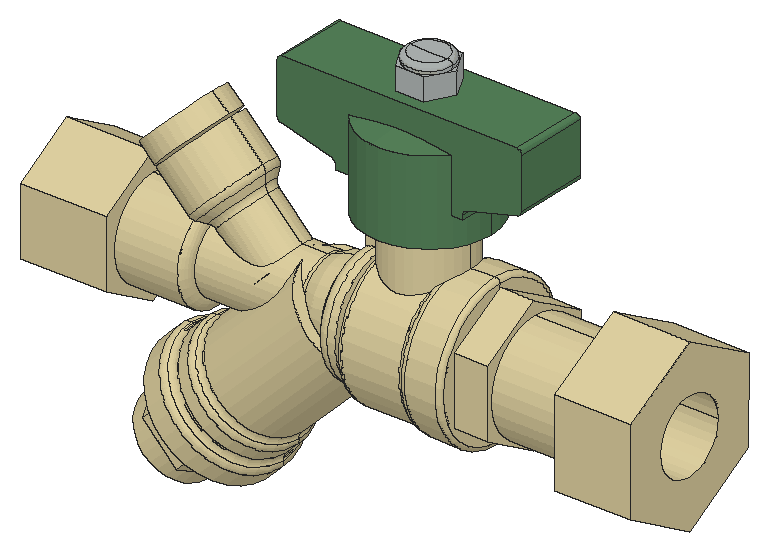
Revit family "QD36280000", category Apparecchi idraulici, Revit 2020
Family settings
  Quota connettore circolare = Usa diametro
  Tipo di parte = Normale
  Numero OmniClass = 23.45.00.00
  Titolo OmniClass = Sanitary, Laundry, and Cleaning Equipment
  Basato su piano di lavoro = No
  Sempre verticale = Sì
  Taglio con vuoti quando caricato = No
  Condiviso = No
  Punto di calcolo locali = No
Parameters
  URL = "https://web.cimberio.it/index.php/figura/1695?subcategoria_id=89"
  Temperatura di esercizio = "-20 ÷ 90°C"
  Prospetto di default = 0 mm
  Produttore = "CIMBERIO SPA"
  Pressione nominale = "PN 16"
  Modello = "Cim 624CRNL/1"
  Materiale = "Prodotto in lega di ottone conforme alla norma EN 12165-CW511L-DW nelle misure fino a 1\"1/4 e in lega di ottone conforme alla norma EN 1982-CC752S low lead nelle misure da 1\"1/2 a 2\""
  Description = ""
  DN Model [instance] = QD36282099 : QD36282099
  DN [instance] = 15 mm
  Commenti sul tipo = "Realizzato in ottemperanza ai requisiti gestionali della norma EN ISO 9001.\r\nCollaudato al 100% secondo la normativa EN 12266-1"
Reference planes
  plane 1 "Centro (Fronte/Retro)": y = 0
  plane 2: z = 0
  plane 3 "Centro (Sinistra/Destra)": x = 0
Dimensions and locks
  aligned and locked: level to plane 2
Nested families
  nested 1: "QD36282099" at (0, 0, 0), type <- "DN Model", type "QD36282099"
    with Diametro DN singolo 15 mm, DN 10 mm
  nested 2: "QD36282099" at (0, 0, 0), type <- "DN Model", type "QD36282099"
    with Diametro DN singolo 20 mm, DN 10 mm
  nested 3: "QD36282099" at (0, 0, 0), type <- "DN Model", type "QD36282099"
    with Diametro DN singolo 20 mm, DN 10 mm
  nested 4: "QD36282099" at (0, 0, 0), type <- "DN Model", type "QD36282099"
    with Diametro DN singolo 25 mm, DN 10 mm
  nested 5: "QD36282099" at (0, 0, 0), type <- "DN Model", type "QD36282099"
    with Diametro DN singolo 25 mm, DN 10 mm
  nested 6: "QD36282099" at (0, 0, 0), type <- "DN Model", type "QD36282099"
    with Diametro DN singolo 32 mm, DN 10 mm
  nested 7: "QD36282099" at (0, 0, 0), type <- "DN Model", type "QD36282099"
    with Diametro DN singolo 32 mm, DN 10 mm
  nested 8: "QD36282099" at (0, 0, 0), type <- "DN Model", type "QD36282099"
    with Diametro DN singolo 32 mm, DN 10 mm
  nested 9: "QD36282099" at (0, 0, 0), type <- "DN Model", type "QD36282099"
    with Diametro DN singolo 40 mm, DN 10 mm
  nested 10: "QD36282099" at (0, 0, 0), type <- "DN Model", type "QD36282099"
    with Diametro DN singolo 40 mm, DN 10 mm
  nested 11: "QD36282099" at (0, 0, 0), type <- "DN Model", type "QD36282099"
    with Diametro DN singolo 50 mm, DN 10 mm
Connectors
  piping at (53.2, 0, 0), diameter 15, driven by "DN"
    settings: on nested 1, index 1, connector inside diameter 609.6 mm, connector length 0 mm, flow factor 0, pipe flow 0.0 L/s, pressure drop 0.0 Pa, fitting loss kfactor 0, connector angle 0.00°, fixture units 0, engagement length 0 mm, angle of deflection 0.00°, flow configuration 0, flow direction 0, fitting loss method 0, system type 7, joint type 0, gender type 0, connector reference index -1, connector utility 0, adjustable connector no, is connector primary yes, connector description ""
  piping at (-74, 0, 0), diameter 15, driven by "DN"
    settings: on nested 1, index 2, connector inside diameter 609.6 mm, connector length 0 mm, flow factor 0, pipe flow 0.0 L/s, pressure drop 0.0 Pa, fitting loss kfactor 0, connector angle 0.00°, fixture units 0, engagement length 0 mm, angle of deflection 0.00°, flow configuration 0, flow direction 0, fitting loss method 0, system type 7, joint type 0, gender type 0, connector reference index -1, connector utility 0, adjustable connector no, is connector primary no, connector description ""
Definition of nested family "QD36282099"
  Parameters (values of type "QD36282099")
    Default Elevation = 0 mm
    Diametro DN singolo [instance] = 15 mm
    DN [instance] = 10 mm  # constant formula
  Reference planes
    plane 1 "Centro (Fronte/Retro)": y = 0
    plane 2: z = 0
    plane 3 "Centro (Sinistra/Destra)": x = 0
  Forms (mm)
    Revolve 1, solid
      sketch origin (0, 0, 0.284) x (1, 0, 0) y (0, 0, 1)
        loop
          line (0, 51.516) -> (0, 49.733) -> (4.75, 49.733) -> (4.75, 50.516)
          arc (4.75, 50.516) -> (4.457, 51.223) -> (3.75, 51.516) r 1
          line (3.75, 51.516) -> (0, 51.516)
        axis (0, 51.516) -> (0, 49.733)
      angle from 0 to 360
    Revolve 2, solid
      sketch origin (0, 0, 0) x (1, 0, 0) y (0, 0, 1)
        loop
          line (14.5, -7.5) -> (-14.515, -7.5) -> (-14.515, -9.418)
          arc (-14.515, -9.418) -> (-13.96, -9.682) -> (-13.664, -10.221) r 1
          arc (-13.664, -10.221) -> (-13.426, -10.906) -> (-13, -11.494) r 2.5
          arc (-13, -11.494) -> (-12.177, -12.012) -> (-11.209, -12.098) r 2.073
          line (-11.209, -12.098) -> (-9.621, -12.098) -> (-7.332, -13.918)
          arc (-7.332, -13.918) -> (-6.994, -14.163) -> (-6.586, -14.25) r 1.005
          line (-6.586, -14.25) -> (5.249, -14.25)
          arc (5.249, -14.25) -> (5.659, -14.344) -> (6, -14.59) r 1.055
          arc (6, -14.59) -> (6.512, -14.96) -> (7.127, -15.1) r 1.583
          line (7.127, -15.1) -> (13.5, -15.25)
          arc (13.5, -15.25) -> (14.161, -15.002) -> (14.5, -14.383) r 1.015
          line (14.5, -14.383) -> (14.5, -7.5)
        axis (14.5, 0) -> (-14.515, 0)
      angle from 0 to 360
    Revolve 3, solid
      sketch origin (0, 0, 0) x (1, 0, 0) y (0, 0, 1)
        loop
          arc (-14.515, 9.418) -> (-17.326, 8.815) -> (-19.954, 7.651) r 14.005
          arc (-19.954, 7.651) -> (-20.338, 7.509) -> (-20.746, 7.5) r 1.237
          line (-20.746, 7.5) -> (-42.045, 7.5)
          arc (-42.045, 7.5) -> (-42.394, 8.941) -> (-43.413, 10.017) r 2.881
          line (-43.413, 10.017) -> (-56.412, 10.017) -> (-56.412, 6.5) -> (-14.515, 6.5) -> (-14.515, 9.418)
        axis (-56.412, 0) -> (-14.515, 0)
      angle from 0 to 360
    Extrusion 4, solid
      sketch origin (-11, 0, 0) x (0, 0, 1) y (0, 1, 0)
        loop
          circle (0, 0) r 7.5
        loop
          line (13.75, 0) -> (6.875, 11.908) -> (-6.875, 11.908) -> (-13.75, 0) -> (-6.875, -11.908) -> (6.875, -11.908) -> (13.75, 0)
      from 45.412 to 63
    Extrusion 5, solid
      sketch origin (66.912, 0, 0) x (0, 0, 1) y (0, 1, 0)
        loop
          circle (0, 0) r 7.5
        loop
          line (13.75, 0) -> (6.875, 11.908) -> (-6.875, 11.908) -> (-13.75, 0) -> (-6.875, -11.908) -> (6.875, -11.908) -> (13.75, 0)
      from 45.412 to 52.412
    Revolve 6, solid
      sketch origin (0, 0, 0) x (1, 0, 0) y (0, 0, 1)
        loop
          line (21.5, 11.1) -> (21.5, 7.5) -> (37.7, 7.5) -> (37.7, 11.1) -> (21.5, 11.1)
        axis (21.5, 0) -> (37.7, 0)
      angle from 0 to 360
    Extrusion 7, solid
      sketch origin (0, 0, 0) x (0, 1, 0) y (0, 0, 1)
        loop
          circle (0, 0) r 7.5
        loop
          line (0, 17.4) -> (-15.069, 8.7) -> (-15.069, -8.7) -> (0, -17.4) -> (15.069, -8.7) -> (15.069, 8.7) -> (0, 17.4)
      from 37.7 to 53.2
    Revolve 8, solid
      sketch origin (0, 0, 0) x (1, 0, 0) y (0, 0, 1)
        loop
          line (0, 27.296) -> (0, 10.626) -> (8.486, 10.626) -> (8.486, 27.296) -> (0, 27.296)
        axis (0, 27.296) -> (0, 10.626)
      angle from 0 to 360
    Extrusion 9, solid
      sketch origin (0, 0, 0) x (1, 0, 0) y (0, 0, 1)
        loop
          line (-8.5, 27.296) -> (-13, 27.296) -> (-13, 10.666) -> (-8.5, 10.666) -> (-8.5, 27.296)
      from -1.851 to 0
    Revolve 10, solid
      sketch origin (0, 0, 0) x (1, 0, 0) y (0, 0, 1)
        loop
          line (-40.565, 25.586) -> (-46.575, 19.575) -> (-29.447, 2.447) -> (-25.204, 6.69) -> (-32.849, 14.334)
          arc (-32.849, 14.334) -> (-33.282, 14.983) -> (-33.435, 15.748) r 2
          line (-33.435, 15.748) -> (-33.435, 17.627)
          arc (-33.435, 17.627) -> (-33.587, 18.392) -> (-34.02, 19.041) r 2
          line (-34.02, 19.041) -> (-40.565, 25.586)
        axis (-46.575, 19.575) -> (-29.447, 2.447)
      angle from 0 to 360
    Revolve 11, solid
      sketch origin (0, 0, 0) x (1, 0, 0) y (0, 0, 1)
        loop
          line (-43.27, -28.27) -> (-33.371, -38.17) -> (-30.337, -35.136)
          arc (-30.337, -35.136) -> (-29.888, -34.401) -> (-29.824, -33.542) r 1.833
          arc (-29.824, -33.542) -> (-29.712, -32.675) -> (-29.263, -31.941) r 1.833
          line (-29.263, -31.941) -> (-27.155, -29.832)
          arc (-27.155, -29.832) -> (-26.741, -29.196) -> (-26.62, -28.447) r 1.833
          arc (-26.62, -28.447) -> (-26.495, -27.698) -> (-26.081, -27.061) r 1.833
          line (-26.081, -27.061) -> (-7.868, -8.849) -> (-15.858, -0.858) -> (-43.27, -28.27)
        axis (-43.27, -28.27) -> (-15.858, -0.858)
      angle from 0 to 360
    Extrusion 12, solid
      sketch origin (-46.575, 0, 19.575) x (0.707107, 0, 0.707107) y (0, 1, 0)
        loop
          circle (0, 0) r 8.5
      from 0.5 to 5
    Extrusion 13, solid
      sketch origin (-43.27, 0, -28.27) x (0, 1, 0) y (0.707107, 0, -0.707107)
        loop
          line (0, -9.85) -> (8.53, -4.925) -> (8.53, 4.925) -> (0, 9.85) -> (-8.53, 4.925) -> (-8.53, -4.925) -> (0, -9.85)
      from 0 to 7
    Revolve 14, solid
      sketch origin (0, 0, 0) x (1, 0, 0) y (0, 0, 1)
        loop
          line (12.882, 22.799) -> (12.882, 39.858)
          arc (12.882, 39.858) -> (6.493, 41.103) -> (0, 41.57) r 53.993
          line (0, 41.57) -> (0, 28.799) -> (1.6, 28.799) -> (1.6, 22.799) -> (12.882, 22.799)
        axis (0, 41.57) -> (0, 22.799)
      angle from 0 to 360
    Extrusion 15, solid
      sketch origin (0, 0, 0) x (1, 0, 0) y (0, 0, 1)
        loop
          arc (-25, 34.567) -> (-24.793, 33.958) -> (-24.259, 33.601) r 1
          line (-24.259, 33.601) -> (-13.742, 30.783)
          arc (-13.742, 30.783) -> (-13.207, 30.426) -> (-13, 29.817) r 1
          line (-13, 29.817) -> (-13, 28.799) -> (13, 28.799) -> (13, 29.817)
          arc (13, 29.817) -> (13.206, 30.425) -> (13.74, 30.782) r 1
          line (13.74, 30.782) -> (24.259, 33.601)
          arc (24.259, 33.601) -> (24.793, 33.958) -> (25, 34.567) r 1
          line (25, 34.567) -> (25, 44.799)
          arc (25, 44.799) -> (24.707, 45.507) -> (24, 45.799) r 1
          line (24, 45.799) -> (-24, 45.799)
          arc (-24, 45.799) -> (-24.707, 45.507) -> (-25, 44.799) r 1
          line (-25, 44.799) -> (-25, 34.567)
      from -7.362 to 7.513
    Extrusion 16, solid
      sketch origin (0, 0, 28.55) x (1, 0, 0) y (0, 1, 0)
        loop
          line (5.774, 0) -> (2.887, 5) -> (-2.887, 5) -> (-5.774, 0) -> (-2.887, -5) -> (2.887, -5) -> (5.774, 0)
      from 17.249 to 21.749
    Extrusion 17, solid
      sketch origin (-47.893, 0, -32.839) x (-0.707107, 0, 0.707107) y (0, 1, 0)
        loop
          circle (0, 0) r 8.5
      from 0.5 to 5
  Dimensions and locks
    "Diametro DN singolo": diameter of Extrusion 4
    aligned and locked: level to plane 2
  Automatic sketch dimensions
    Revolve 1 sketch curve to plane 3 "Centro (Sinistra/Destra)" = 0 mm  (x2)
    plane 3 "Centro (Sinistra/Destra)" to Revolve 1 sketch curve = 3.75 mm
    Revolve 1 sketch curve to Revolve 1 sketch curve = 0 mm
    Revolve 1 sketch curve to Revolve 1 sketch curve = 1 mm
    level to Revolve 1 sketch curve = 50.016 mm
    Revolve 1 sketch curve to Revolve 1 sketch curve = 0.783 mm
    Revolve 1 sketch curve to Revolve 1 sketch curve = 1.783 mm
    Revolve 1 sketch curve to Revolve 1 sketch curve = 1.437 mm
    Revolve 1 sketch curve to Revolve 1 sketch curve = 1.354 mm
    Revolve 2 sketch curve to level = 0 mm
    Revolve 2 sketch curve to plane 3 "Centro (Sinistra/Destra)" = 14.647 mm
    Revolve 2 sketch curve to Revolve 2 sketch curve = 0.132 mm
    Revolve 2 sketch curve to Revolve 2 sketch curve = 3 mm
    Revolve 2 sketch curve to Revolve 2 sketch curve = 0.306 mm  (x2)
    Revolve 2 sketch curve to Revolve 2 sketch curve = 1.588 mm
    Revolve 2 sketch curve to Revolve 2 sketch curve = 2.289 mm
    Revolve 2 sketch curve to Revolve 2 sketch curve = 0.747 mm
    plane 3 "Centro (Sinistra/Destra)" to Revolve 2 sketch curve = 5.224 mm
    Revolve 2 sketch curve to Revolve 2 sketch curve = 0.025 mm
    Revolve 2 sketch curve to Revolve 2 sketch curve = 1.903 mm
    Revolve 2 sketch curve to Revolve 2 sketch curve = 0.037 mm
    Revolve 2 sketch curve to Revolve 2 sketch curve = 6.332 mm
    Revolve 2 sketch curve to Revolve 2 sketch curve = 0.004 mm
    Revolve 2 sketch curve to Revolve 2 sketch curve = 1.004 mm
    Revolve 2 sketch curve to level = 7.5 mm
    Revolve 2 sketch curve to Revolve 2 sketch curve = 1.918 mm
    Revolve 2 sketch curve to Revolve 2 sketch curve = 0.332 mm
    Revolve 2 sketch curve to Revolve 2 sketch curve = 0.298 mm
    Revolve 2 sketch curve to Revolve 2 sketch curve = 0.991 mm
    Revolve 2 sketch curve to Revolve 2 sketch curve = 2.051 mm
    Revolve 2 sketch curve to Revolve 2 sketch curve = 1.147 mm
    Revolve 2 sketch curve to Revolve 2 sketch curve = 6.018 mm
    Revolve 2 sketch curve to Revolve 2 sketch curve = 0.672 mm
    Revolve 2 sketch curve to Revolve 2 sketch curve = 0.718 mm
    Revolve 2 sketch curve to Revolve 2 sketch curve = 0.148 mm
    Revolve 2 sketch curve to Revolve 2 sketch curve = 1.582 mm
    Revolve 2 sketch curve to Revolve 2 sketch curve = 1.055 mm
    Revolve 2 sketch curve to Revolve 2 sketch curve = 63.049 mm
    Revolve 2 sketch curve to Revolve 2 sketch curve = 0 mm
    Revolve 2 sketch curve to Revolve 2 sketch curve = 45.5 mm
    Revolve 3 sketch curve to level = 0 mm
    level to Revolve 3 sketch curve = 10.017 mm
    Revolve 3 sketch curve to plane 3 "Centro (Sinistra/Destra)" = 56.412 mm
    Revolve 3 sketch curve to Revolve 3 sketch curve = 11.487 mm
    Revolve 3 sketch curve to Revolve 3 sketch curve = 1.512 mm
    Revolve 3 sketch curve to Revolve 3 sketch curve = 1.368 mm
    level to Revolve 3 sketch curve = 7.5 mm
    Revolve 3 sketch curve to plane 3 "Centro (Sinistra/Destra)" = 20.746 mm
    Revolve 3 sketch curve to Revolve 3 sketch curve = 0.177 mm
    Revolve 3 sketch curve to Revolve 3 sketch curve = 6.231 mm
    Revolve 3 sketch curve to level = 4.505 mm
    Revolve 3 sketch curve to Revolve 3 sketch curve = 1.517 mm
    Revolve 3 sketch curve to Revolve 3 sketch curve = 1 mm
    Revolve 3 sketch curve to Revolve 3 sketch curve = 1.224 mm
    Revolve 3 sketch curve to Revolve 3 sketch curve = 2.918 mm
    Revolve 3 sketch curve to Revolve 3 sketch curve = 19.589 mm
    Revolve 3 sketch curve to Revolve 3 sketch curve = 5.665 mm
    Extrusion 4 sketch curve to plane 1 "Centro (Fronte/Retro)" = 0 mm  (x3)
    Extrusion 4 sketch curve to level = 0 mm
    Extrusion 4 sketch curve to level = 6.875 mm  (x2)
    Extrusion 4 sketch curve to Extrusion 4 sketch curve = 6.875 mm  (x2)
    level to Extrusion 4 sketch curve = 6.875 mm  (x2)
    plane 1 "Centro (Fronte/Retro)" to Extrusion 4 sketch curve = 11.908 mm
    Extrusion 4 sketch curve to plane 1 "Centro (Fronte/Retro)" = 11.908 mm
    Extrusion 5 sketch curve to plane 1 "Centro (Fronte/Retro)" = 0 mm  (x3)
    Extrusion 5 sketch curve to level = 0 mm
    Extrusion 5 sketch curve to level = 6.875 mm  (x2)
    Extrusion 5 sketch curve to Extrusion 5 sketch curve = 6.875 mm
    level to Extrusion 5 sketch curve = 6.875 mm  (x2)
    level to Extrusion 5 sketch curve = 13.75 mm
    plane 1 "Centro (Fronte/Retro)" to Extrusion 5 sketch curve = 11.908 mm
    Extrusion 5 sketch curve to plane 1 "Centro (Fronte/Retro)" = 11.908 mm
    Revolve 6 sketch curve to level = 0 mm
    level to Revolve 6 sketch curve = 7.5 mm
    plane 3 "Centro (Sinistra/Destra)" to Revolve 6 sketch curve = 21.5 mm
    Revolve 6 sketch curve to Revolve 6 sketch curve = 16.2 mm
    Revolve 6 sketch curve to Revolve 6 sketch curve = 3.6 mm
    plane 3 "Centro (Sinistra/Destra)" to Revolve 6 sketch curve = 11.331 mm
    Revolve 6 sketch curve to Revolve 6 sketch curve = 6.509 mm
    Extrusion 7 sketch curve to plane 1 "Centro (Fronte/Retro)" = 0 mm  (x3)
    Extrusion 7 sketch curve to level = 0 mm
    plane 1 "Centro (Fronte/Retro)" to Extrusion 7 sketch curve = 15.069 mm
    Extrusion 7 sketch curve to plane 1 "Centro (Fronte/Retro)" = 15.069 mm
    Extrusion 7 sketch curve to level = 8.7 mm  (x2)
    Extrusion 7 sketch curve to Extrusion 7 sketch curve = 8.7 mm  (x2)
    level to Extrusion 7 sketch curve = 8.7 mm  (x2)
    Revolve 8 sketch curve to plane 3 "Centro (Sinistra/Destra)" = 0 mm  (x2)
    plane 3 "Centro (Sinistra/Destra)" to Revolve 8 sketch curve = 8.486 mm
    level to Revolve 8 sketch curve = 10.626 mm
    Revolve 8 sketch curve to Revolve 8 sketch curve = 16.67 mm
    Revolve 8 sketch curve to Revolve 8 sketch curve = 2.75 mm
    Revolve 8 sketch curve to Revolve 8 sketch curve = 5.818 mm
    Extrusion 9 sketch curve to plane 3 "Centro (Sinistra/Destra)" = 13 mm
    Extrusion 9 sketch curve to Extrusion 9 sketch curve = 4.5 mm
    level to Extrusion 9 sketch curve = 10.666 mm
    Extrusion 9 sketch curve to Extrusion 9 sketch curve = 16.631 mm
    level to Revolve 10 sketch curve = 19.575 mm
    Revolve 10 sketch curve to plane 3 "Centro (Sinistra/Destra)" = 46.575 mm
    level to Revolve 10 sketch curve = 25.586 mm
    Revolve 10 sketch curve to Revolve 10 sketch curve = 6.01 mm
    Revolve 10 sketch curve to Revolve 10 sketch curve = 5.13 mm
    level to Revolve 10 sketch curve = 19.041 mm
    Revolve 10 sketch curve to Revolve 10 sketch curve = 2 mm
    level to Revolve 10 sketch curve = 14.334 mm
    Revolve 10 sketch curve to Revolve 10 sketch curve = 0.586 mm
    Revolve 10 sketch curve to Revolve 10 sketch curve = 1.414 mm
    level to Revolve 10 sketch curve = 2.447 mm
    level to Revolve 10 sketch curve = 20.45 mm
    Revolve 10 sketch curve to Revolve 10 sketch curve = 0.875 mm
    level to Revolve 10 sketch curve = 1.545 mm
    Revolve 10 sketch curve to Revolve 10 sketch curve = 0.902 mm
    Revolve 11 sketch curve to level = 0 mm
    Revolve 11 sketch curve to plane 3 "Centro (Sinistra/Destra)" = 43.27 mm
    Revolve 11 sketch curve to Revolve 11 sketch curve = 9.899 mm
    Revolve 11 sketch curve to Revolve 11 sketch curve = 1.738 mm
    Revolve 11 sketch curve to Revolve 11 sketch curve = 1.296 mm  (x8)
    Revolve 11 sketch curve to Revolve 11 sketch curve = 2.37 mm  (x2)
    Revolve 11 sketch curve to Revolve 11 sketch curve = 0.812 mm
    Revolve 11 sketch curve to level = 0.858 mm
    Revolve 11 sketch curve to plane 3 "Centro (Sinistra/Destra)" = 15.858 mm
    Revolve 11 sketch curve to level = 8.849 mm
    Revolve 11 sketch curve to plane 3 "Centro (Sinistra/Destra)" = 7.868 mm
    Revolve 11 sketch curve to Revolve 11 sketch curve = 1.899 mm
    Revolve 11 sketch curve to Revolve 11 sketch curve = 2.771 mm
    Revolve 11 sketch curve to Revolve 11 sketch curve = 2.191 mm  (x2)
    Revolve 11 sketch curve to Revolve 11 sketch curve = 0.513 mm
    Revolve 11 sketch curve to Revolve 11 sketch curve = 0.049 mm
    Revolve 11 sketch curve to Revolve 11 sketch curve = 0.535 mm
    Revolve 11 sketch curve to Revolve 11 sketch curve = 0.004 mm
    Revolve 11 sketch curve to Revolve 11 sketch curve = 0.858 mm
    Extrusion 12 sketch curve to Extrusion 12 sketch curve = 0 mm  (x2)
    plane 1 "Centro (Fronte/Retro)" to Extrusion 12 sketch curve = 0 mm
    Extrusion 12 sketch curve to Extrusion 12 sketch curve = 8.5 mm
    Extrusion 13 sketch curve to Revolve 11 = 0 mm  (x2)
    Revolve 11 to Extrusion 13 sketch curve = 8.53 mm
    Extrusion 13 sketch curve to Revolve 11 = 8.53 mm
    Extrusion 13 sketch curve to Extrusion 13 sketch curve = 4.925 mm  (x3)
    Extrusion 13 sketch curve to Extrusion 13 sketch curve = 9.85 mm  (x2)
    Revolve 14 sketch curve to plane 3 "Centro (Sinistra/Destra)" = 0 mm  (x2)
    Revolve 14 sketch curve to plane 3 "Centro (Sinistra/Destra)" = 0.619 mm
    plane 3 "Centro (Sinistra/Destra)" to Revolve 14 sketch curve = 1.6 mm
    Revolve 14 sketch curve to Revolve 14 sketch curve = 11.282 mm
    Revolve 14 sketch curve to level = 12.42 mm
    level to Revolve 14 sketch curve = 22.799 mm
    Revolve 14 sketch curve to Revolve 14 sketch curve = 6 mm
    Revolve 14 sketch curve to Revolve 14 sketch curve = 11.059 mm
    Revolve 14 sketch curve to Revolve 14 sketch curve = 5.919 mm
    Revolve 14 sketch curve to Revolve 14 sketch curve = 11.639 mm
    Extrusion 15 sketch curve to plane 3 "Centro (Sinistra/Destra)" = 24 mm
    Extrusion 15 sketch curve to Extrusion 15 sketch curve = 0 mm  (x15)
    Extrusion 15 sketch curve to Extrusion 15 sketch curve = 10 mm
    Extrusion 15 sketch curve to Extrusion 15 sketch curve = 0.258 mm
    Extrusion 15 sketch curve to Extrusion 15 sketch curve = 1 mm  (x6)
    plane 3 "Centro (Sinistra/Destra)" to Extrusion 15 sketch curve = 13 mm
    Extrusion 15 sketch curve to Extrusion 15 sketch curve = 0.74 mm
    Extrusion 15 sketch curve to Extrusion 15 sketch curve = 10.26 mm
    level to Extrusion 15 sketch curve = 28.799 mm
    Extrusion 15 sketch curve to Extrusion 15 sketch curve = 1.017 mm  (x2)
    Extrusion 15 sketch curve to Extrusion 15 sketch curve = 3.784 mm  (x2)
    Extrusion 15 sketch curve to Extrusion 15 sketch curve = 10.233 mm  (x2)
    Extrusion 15 sketch curve to Extrusion 15 sketch curve = 0.259 mm  (x2)
    plane 1 "Centro (Fronte/Retro)" to Extrusion 16 sketch curve = 0 mm  (x2)
    Extrusion 16 sketch curve to plane 3 "Centro (Sinistra/Destra)" = 5.774 mm
    Extrusion 16 sketch curve to plane 3 "Centro (Sinistra/Destra)" = 2.887 mm  (x2)
    plane 3 "Centro (Sinistra/Destra)" to Extrusion 16 sketch curve = 2.887 mm  (x2)
    Extrusion 16 sketch curve to Extrusion 16 sketch curve = 2.887 mm
    plane 1 "Centro (Fronte/Retro)" to Extrusion 16 sketch curve = 5 mm
    Extrusion 16 sketch curve to plane 1 "Centro (Fronte/Retro)" = 5 mm
    Extrusion 17 sketch curve to Extrusion 17 sketch curve = 0 mm  (x2)
    Extrusion 17 sketch curve to plane 1 "Centro (Fronte/Retro)" = 0 mm
    Extrusion 17 sketch curve to Extrusion 17 sketch curve = 8.5 mm
    radius of Extrusion 4 sketch curve = 7.5 mm
    radius of Extrusion 5 sketch curve = 7.5 mm
    radius of Extrusion 7 sketch curve = 7.5 mm
